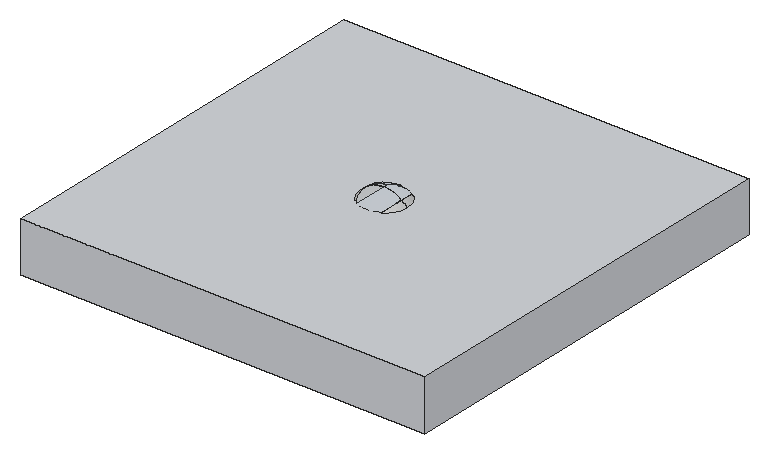
Revit family "GALAD Раунд LED", category Осветительные приборы, Revit 2018 (continued)
Types (3, lengths in mm): name | Файл фотометрической сетки | built-in parameter 1150142 | URL | IP | ADSK_Наименование краткое | ADSK_Наименование | ADSK_Марка | ADSK_Код изделия
    .08 252.20 242.20 231.70 220.60 208.76 196.81 184.61 171.92 158.98 145.56 132.14 118.84 105.54 92.73 80.53 68.82 58.20 48.44 39.53 31.72 24.77 18.67 12.93 8.17 4.76 2.44 1.34 0.73 0.37 0.24 0.12 0.00 0.00 0.00 0.00 0.00 0.00 0.00 0.00 0.00 0.00 0.00 0.00 0.00 0.00 0.12 0.12 0.12 0.00 0.12 0.24 0.24 0.73 0.85 0.37 0.12 0.00 0.00 \r\n332.61 332.12 330.29 327.97 325.29 321.87 317.72 313.09 307.59 301.49 295.03 287.83 279.65 271.11 261.96 252.20 242.32 231.70 220.60 209.01 197.17 184.73 171.92 158.86 145.68 132.38 118.96 105.91 93.10 80.65 69.18 58.32 48.56 39.78 31.72 24.65 18.67 13.30 7.69 3.78 2.07 1.34 0.85 0.49 0.24 0.12 0.00 0.00 0.00 0.00 0.00 0.00 0.00 0.00 0.00 0.00 0.00 0.00 0.00 0.00 0.12 0.12 0.12 0.00 0.12 0.12 0.24 0.61 0.73 0.37 0.12 0.00 0.00 \r\n332.61 332.00 330.29 327.97 325.29 321.99 317.84 313.09 307.59 301.49 294.66 287.46 279.78 271.11 261.84 252.57 242.68 231.82 220.84 209.37 197.42 184.85 171.92 158.86 145.68 132.38 119.08 105.91 93.10 80.77 69.18 58.32 48.56 40.02 31.85 24.77 18.67 13.06 6.83 3.54 2.56 1.59 0.85 0.49 0.24 0.12 0.00 0.00 0.00 0.00 0.00 0.00 0.00 0.00 0.00 0.00 0.00 0.00 0.00 0.00 0.12 0.12 0.12 0.00 0.12 0.12 0.24 0.49 0.61 0.37 0.12 0.00 0.00 \r\n332.61 332.00 330.29 327.97 325.41 321.99 317.72 313.09 307.72 301.98 295.03 287.46 279.78 271.60 262.33 252.93 242.68 231.95 220.97 209.37 197.29 185.09 172.16 159.35 146.05 132.51 119.33 106.27 93.46 80.89 69.30 58.69 48.81 39.90 31.85 24.77 18.67 13.06 7.56 4.15 2.68 1.71 0.98 0.49 0.24 0.12 0.00 0.00 0.00 0.00 0.00 0.00 0.00 0.00 0.00 0.00 0.00 0.00 0.00 0.00 0.12 0.12 0.12 0.12 0.12 0.12 0.24 0.37 0.49 0.24 0.12 0.00 0.00 \r\n332.61 331.88 330.29 327.97 325.41 321.99 317.84 313.09 307.84 301.98 295.15 287.83 280.14 271.72 262.57 253.30 242.81 232.07 221.33 209.50 197.29 185.22 172.40 159.47 146.17 132.87 119.57 106.27 93.46 81.14 69.43 58.81 48.93 39.90 31.85 24.89 18.79 12.93 7.56 4.39 2.81 1.71 0.98 0.49 0.24 0.12 0.00 0.00 0.00 0.00 0.00 0.00 0.00 0.00 0.00 0.00 0.00 0.00 0.00 0.00 0.12 0.12 0.12 0.12 0.12 0.12 0.24 0.24 0.37 0.24 0.12 0.00 0.00 \r\n332.61 331.75 330.17 327.97 325.53 322.24 317.97 313.21 308.08 301.98 295.15 288.19 280.51 271.60 262.33 252.93 242.93 232.43 221.45 209.50 197.66 185.58 172.89 159.71 146.42 133.12 119.69 106.40 93.58 81.38 69.67 58.81 48.93 40.14 32.33 25.13 18.91 12.93 7.56 4.03 2.32 1.46 0.85 0.49 0.24 0.12 0.00 0.00 0.00 0.00 0.00 0.00 0.00 0.00 0.00 0.00 0.00 0.00 0.00 0.00 0.12 0.12 0.12 0.12 0.12 0.12 0.24 0.24 0.24 0.24 0.12 0.00 0.00 \r\n332.61 331.63 330.17 328.09 325.53 322.24 318.09 313.33 308.20 302.35 295.39 288.07 280.39 271.72 262.69 253.05 243.17 232.56 221.45 209.98 197.90 185.70 172.89 159.84 146.54 133.24 119.82 106.52 93.71 81.38 69.67 58.81 49.05 40.14 32.21 25.13 19.03 13.67 8.54 4.39 2.32 1.34 0.85 0.49 0.24 0.12 0.00 0.00 0.00 0.00 0.00 0.00 0.00 0.00 0.00 0.00 0.00 0.00 0.00 0.00 0.12 0.12 0.12 0.12 0.12 0.12 0.24 0.24 0.24 0.12 0.12 0.00 0.00 \r\n332.61 331.51 330.04 328.09 325.41 322.24 318.21 313.57 308.57 302.35 295.64 288.44 280.63 272.09 263.18 253.42 243.29 232.68 221.82 210.35 198.03 185.70 173.14 160.20 146.78 133.36 120.06 106.76 93.95 81.75 70.04 59.18 49.29 40.26 32.21 25.13 19.03 13.67 8.91 5.25 2.93 1.59 0.73 0.37 0.24 0.12 0.00 0.00 0.00 0.00 0.00 0.00 0.00 0.00 0.00 0.00 0.00 0.00 0.00 0.00 0.12 0.12 0.24 0.12 0.12 0.12 0.12 0.24 0.24 0.12 0.12 0.00 0.00 \r\n332.61 331.39 330.04 328.09 325.53 322.24 318.33 313.70 308.45 302.47 295.52 288.32 280.39 272.21 263.18 253.42 243.54 233.04 221.82 210.35 198.39 185.95 173.26 160.32 146.78 133.48 120.43 107.25 94.07 81.75 70.04 59.18 49.17 40.26 32.09 25.01 19.03 13.91 9.64 5.98 3.29 1.59 0.85 0.37 0.24 0.12 0.00 0.00 0.00 0.00 0.00 0.00 0.00 0.00 0.00 0.00 0.00 0.00 0.00 0.00 0.12 0.12 0.24 0.12 0.12 0.12 0.12 0.24 0.24 0.12 0.00 0.00 0.00 \r\n332.61 331.39 329.92 328.09 325.65 322.24 318.45 313.70 308.33 302.47 295.64 288.44 280.87 272.45 263.43 253.79 243.78 233.41 222.06 210.47 198.64 186.19 173.38 160.57 147.39 133.85 120.43 107.13 94.44 81.99 70.28 59.30 49.29 40.26 32.21 25.13 19.03 14.03 9.76 6.22 3.66 1.95 0.98 0.49 0.12 0.00 0.00 0.00 0.00 0.00 0.00 0.00 0.00 0.00 0.00 0.00 0.00 0.00 0.00 0.00 0.12 0.12 0.24 0.12 0.12 0.12 0.12 0.24 0.24 0.12 0.00 0.00 0.00 \r\n332.61 331.27 329.92 328.09 325.77 322.36 318.45 313.82 308.33 302.35 295.76 288.44 280.87 272.58 263.67 254.15 244.03 233.29 222.43 210.84 198.76 186.56 173.99 160.94 147.64 133.97 120.55 107.37 94.44 81.99 70.28 59.30 49.29 40.26 32.21 25.13 19.03 14.03 9.76 6.47 3.90 2.07 0.98 0.49 0.24 0.12 0.00 0.00 0.00 0.00 0.00 0.00 0.00 0.00 0.00 0.00 0.00 0.00 0.00 0.00 0.12 0.12 0.24 0.12 0.12 0.12 0.12 0.24 0.12 0.12 0.00 0.00 0.00 \r\n332.61 331.14 329.80 328.21 325.77 322.48 318.45 313.82 308.33 302.35 296.13 289.05 281.24 272.70 263.91 254.40 244.27 233.41 222.43 211.20 199.00 186.80 174.11 160.94 147.88 134.58 121.04 107.74 94.68 82.24 70.52 59.42 49.42 40.39 32.21 25.13 19.03 13.91 9.76 6.47 4.03 2.20 1.10 0.61 0.24 0.12 0.00 0.00 0.00 0.12 0.00 0.00 0.00 0.00 0.00 0.00 0.00 0.00 0.00 0.00 0.12 0.12 0.24 0.12 0.12 0.12 0.12 0.24 0.12 0.12 0.00 0.00 0.00 \r\n332.61 331.14 329.80 328.09 325.65 322.48 318.58 313.94 308.81 302.59 296.37 289.29 281.12 272.58 264.04 254.52 244.51 233.65 222.80 211.57 199.37 187.05 174.23 161.06 147.88 134.70 121.16 107.86 94.93 82.36 70.52 59.54 49.42 40.39 32.33 25.13 19.16 14.03 9.88 6.59 4.15 2.32 1.22 0.61 0.24 0.12 0.00 0.00 0.00 0.12 0.00 0.00 0.00 0.00 0.00 0.00 0.00 0.00 0.00 0.00 0.12 0.24 0.24 0.12 0.12 0.12 0.12 0.12 0.12 0.12 0.00 0.00 0.00 \r\n332.61 331.02 329.68 328.09 325.65 322.60 318.58 314.18 309.30 303.20 296.61 289.05 281.12 273.06 264.04 254.40 244.51 233.90 223.04 211.69 199.49 187.29 174.48 161.55 148.25 134.82 121.40 108.10 95.17 82.72 70.89 59.79 49.54 40.39 32.33 25.13 19.03 13.91 9.76 6.59 4.15 2.44 1.34 0.61 0.24 0.12 0.00 0.00 0.00 0.12 0.12 0.12 0.00 0.00 0.00 0.00 0.00 0.00 0.00 0.12 0.12 0.24 0.24 0.24 0.12 0.12 0.12 0.12 0.12 0.12 0.00 0.00 0.00 \r\n332.61 331.02 329.68 328.09 325.77 322.60 318.70 314.31 309.30 303.32 296.74 289.29 281.61 273.31 264.28 254.76 244.76 234.26 223.28 211.94 199.86 187.53 174.84 161.91 148.61 135.07 121.65 108.35 95.29 82.72 70.89 59.79 49.66 40.39 32.33 25.26 19.16 14.03 9.88 6.59 4.15 2.44 1.34 0.61 0.24 0.12 0.00 0.00 0.00 0.12 0.12 0.12 0.00 0.00 0.00 0.00 0.00 0.00 0.00 0.12 0.12 0.24 0.24 0.24 0.12 0.12 0.12 0.12 0.12 0.12 0.00 0.00 0.00 \r\n332.61 330.90 329.68 328.09 325.77 322.60 318.70 314.31 309.18 303.20 296.74 289.54 281.85 273.55 264.65 255.25 245.12 234.39 223.53 212.06 200.10 187.78 175.09 162.03 148.73 135.43 122.01 108.71 95.54 82.85 71.01 59.91 49.66 40.51 32.46 25.26 19.16 13.91 9.76 6.47 4.03 2.44 1.34 0.61 0.37 0.12 0.00 0.00 0.00 0.12 0.12 0.12 0.12 0.00 0.00 0.00 0.00 0.00 0.00 0.12 0.12 0.12 0.12 0.12 0.12 0.12 0.12 0.12 0.12 0.12 0.12 0.00 0.00 \r\n332.61 330.78 329.68 328.21 325.90 322.72 318.82 314.43 309.18 303.20 296.74 289.78 281.97 273.67 264.77 255.37 245.37 234.63 223.53 212.30 200.47 188.02 175.33 162.28 149.10 135.56 122.13 108.84 95.66 83.09 71.13 60.03 49.78 40.63 32.46 25.26 19.16 14.03 9.76 6.47 4.03 2.44 1.34 0.73 0.37 0.12 0.00 0.00 0.00 0.12 0.12 0.12 0.12 0.12 0.00 0.00 0.00 0.00 0.00 0.12 0.12 0.12 0.12 0.12 0.12 0.12 0.12 0.12 0.12 0.12 0.12 0.00 0.00 \r\n332.61 330.66 329.56 328.34 325.90 322.85 319.06 314.67 309.30 303.45 296.98 289.90 282.34 273.92 265.01 255.50 245.49 235.00 224.02 212.55 200.71 188.39 175.58 162.64 149.47 135.80 122.38 109.20 96.02 83.46 71.50 60.15 49.90 40.63 32.46 25.26 19.03 13.91 9.76 6.47 4.03 2.32 1.34 0.61 0.37 0.12 0.00 0.00 0.00 0.12 0.12 0.12 0.12 0.12 0.00 0.00 0.00 0.00 0.00 0.12 0.12 0.12 0.12 0.12 0.12 0.12 0.12 0.12 0.12 0.12 0.12 0.00 0.00 \r\n332.61 330.53 329.56 328.34 326.02 322.97 319.19 314.67 309.42 303.69 297.10 290.15 282.46 274.16 265.26 255.86 245.73 235.24 224.38 213.03 201.08 188.75 175.82 162.77 149.59 136.17 122.75 109.32 96.27 83.58 71.50 60.27 50.03 40.75 32.46 25.26 19.16 13.91 9.76 6.47 4.03 2.32 1.34 0.61 0.37 0.12 0.00 0.00 0.00 0.12 0.12 0.12 0.12 0.12 0.00 0.00 0.00 0.00 0.00 0.12 0.12 0.12 0.12 0.12 0.12 0.12 0.12 0.12 0.12 0.12 0.12 0.00 0.00 \r\n332.61 330.41 329.43 328.34 326.14 323.09 319.19 314.67 309.55 303.81 297.22 290.15 282.46 274.29 265.50 255.86 246.10 235.61 224.63 213.28 201.44 189.00 176.19 163.25 150.08 136.53 122.99 109.57 96.39 83.70 71.74 60.52 50.15 40.87 32.58 25.26 19.03 13.91 9.64 6.34 4.03 2.32 1.22 0.61 0.24 0.12 0.00 0.00 0.00 0.12 0.12 0.12 0.12 0.12 0.00 0.00 0.00 0.00 0.12 0.12 0.12 0.12 0.12 0.12 0.12 0.12 0.12 0.12 0.12 0.12 0.12 0.00 0.00 \r\n332.61 330.29 329.43 328.34 326.14 323.21 319.31 314.79 309.79 303.93 297.47 290.39 282.70 274.53 265.62 256.23 246.34 235.85 224.99 213.52 201.57 189.24 176.55 163.38 150.08 136.78 123.23 109.69 96.51 83.82 71.74 60.52 50.15 40.87 32.58 25.26 19.03 13.91 9.64 6.34 3.90 2.32 1.22 0.61 0.24 0.12 0.00 0.00 0.00 0.12 0.12 0.12 0.12 0.12 0.00 0.00 0.00 0.12 0.12 0.12 0.12 0.12 0.12 0.12 0.12 0.12 0.12 0.12 0.12 0.12 0.12 0.00 0.00 \r\n332.61 330.17 329.31 328.21 326.14 323.21 319.43 314.92 310.16 304.18 297.71 290.88 283.19 274.77 265.87 256.59 246.59 236.10 225.36 213.89 202.05 189.73 176.92 163.86 150.44 137.02 123.60 110.06 96.88 84.07 71.99 60.76 50.39 41.00 32.58 25.26 19.03 13.79 9.64 6.34 3.90 2.32 1.22 0.61 0.24 0.12 0.00 0.00 0.00 0.12 0.12 0.12 0.12 0.12 0.00 0.00 0.00 0.12 0.12 0.12 0.12 0.12 0.12 0.12 0.12 0.12 0.12 0.12 0.12 0.12 0.12 0.00 0.00 \r\n332.61 330.04 329.19 328.09 326.14 323.33 319.55 315.16 310.28 304.42 298.08 291.24 283.56 275.14 266.23 256.96 247.08 236.58 225.72 214.50 202.42 190.10 177.53 164.35 151.05 137.63 123.97 110.42 97.12 84.31 72.23 61.01 50.64 41.12 32.70 25.38 19.03 13.91 9.64 6.34 3.90 2.32 1.22 0.61 0.24 0.12 0.00 0.00 0.00 0.12 0.12 0.12 0.12 0.12 0.00 0.00 0.12 0.12 0.12 0.12 0.12 0.12 0.24 0.12 0.12 0.12 0.12 0.12 0.12 0.12 0.12 0.00 0.00 \r\n332.61 329.92 328.95 328.09 326.14 323.33 319.55 315.40 310.40 304.54 298.32 291.37 283.68 275.38 266.60 257.33 247.44 237.07 225.97 214.62 202.79 190.34 177.77 164.84 151.42 137.87 124.33 110.67 97.37 84.55 72.48 61.13 50.64 41.12 32.70 25.26 19.03 13.79 9.52 6.22 3.90 2.20 1.22 0.61 0.24 0.12 0.00 0.00 0.00 0.12 0.12 0.12 0.12 0.12 0.12 0.00 0.12 0.12 0.12 0.12 0.12 0.24 0.37 0.37 0.12 0.12 0.12 0.12 0.12 0.12 0.12 0.00 0.00 \r\n332.61 329.92 328.82 328.21 326.26 323.33 319.67 315.40 310.40 304.67 298.20 291.24 283.68 275.51 266.84 257.69 247.81 237.07 226.09 214.86 202.79 190.46 177.77 164.84 151.54 138.00 124.33 110.91 97.49 84.68 72.48 61.01 50.51 41.12 32.70 25.26 18.91 13.79 9.52 6.22 3.78 2.20 1.22 0.61 0.24 0.12 0.00 0.00 0.00 0.12 0.12 0.12 0.12 0.12 0.12 0.12 0.24 0.24 0.12 0.12 0.12 0.24 0.73 0.61 0.24 0.12 0.12 0.12 0.12 0.12 0.12 0.00 0.00 \r\n332.61 329.80 328.58 328.21 326.38 323.46 319.80 315.40 310.40 304.67 298.08 291.24 283.80 275.63 266.84 257.57 247.56 237.19 226.33 215.11 203.15 190.71 178.02 164.96 151.66 138.24 124.58 111.15 97.73 84.92 72.60 61.13 50.64 41.12 32.70 25.26 18.91 13.79 9.52 6.22 3.78 2.20 1.10 0.61 0.24 0.12 0.12 0.00 0.00 0.12 0.12 0.12 0.12 0.12 0.12 0.12 0.49 0.37 0.24 0.12 0.12 0.37 0.85 0.73 0.37 0.12 0.00 0.12 0.12 0.12 0.12 0.00 0.00 \r\n332.61 329.80 328.34 327.97 326.51 323.46 319.92 315.65 310.52 304.79 298.20 291.37 283.92 275.75 266.96 257.57 247.81 237.32 226.58 215.23 203.40 191.19 178.63 165.45 152.03 138.48 124.94 111.40 97.98 84.92 72.60 61.25 50.76 41.24 32.70 25.38 19.03 13.67 9.39 6.10 3.78 2.07 1.10 0.61 0.24 0.12 0.12 0.00 0.00 0.12 0.12 0.12 0.12 0.12 0.12 0.24 0.61 0.49 0.24 0.12 0.12 0.37 0.85 0.73 0.37 0.12 0.00 0.00 0.12 0.12 0.12 0.00 0.00 \r\n332.61 329.80 328.09 327.73 326.51 323.46 319.92 315.65 310.52 305.03 298.44 291.49 284.17 275.87 267.09 257.94 248.05 237.56 226.58 215.35 203.64 191.44 178.75 165.57 152.15 138.61 125.06 111.40 98.10 85.17 72.84 61.49 50.88 41.24 32.70 25.26 18.91 13.67 9.39 6.10 3.78 2.07 1.10 0.61 0.24 0.12 0.12 0.00 0.00 0.00 0.12 0.12 0.12 0.12 0.12 0.12 0.37 0.37 0.24 0.12 0.12 0.24 0.61 0.49 0.24 0.12 0.00 0.00 0.12 0.12 0.12 0.00 0.00 \r\n332.61 329.80 327.85 327.36 326.26 323.58 319.92 315.53 310.52 305.03 298.69 291.61 284.17 276.12 267.33 258.18 248.17 237.68 227.07 215.84 204.01 191.80 179.11 166.06 152.52 138.97 125.43 111.76 98.34 85.29 72.96 61.49 51.00 41.36 32.70 25.26 18.91 13.67 9.39 6.10 3.66 2.07 1.10 0.49 0.24 0.12 0.12 0.00 0.00 0.00 0.12 0.12 0.12 0.12 0.12 0.12 0.24 0.24 0.12 0.12 0.12 0.24 0.37 0.37 0.24 0.12 0.00 0.00 0.12 0.12 0.12 0.00 0.00 \r\n332.61 329.80 327.73 326.99 325.90 323.46 319.92 315.77 310.77 304.91 298.81 292.10 284.41 276.36 267.57 258.30 248.54 238.17 227.31 215.96 204.01 191.56 179.11 166.06 152.64 139.22 125.67 112.13 98.59 85.53 73.21 61.62 51.00 41.36 32.82 25.38 18.91 13.67 9.39 6.10 3.66 2.07 1.10 0.49 0.24 0.12 0.12 0.00 0.00 0.00 0.12 0.12 0.12 0.12 0.12 0.12 0.12 0.12 0.12 0.12 0.12 0.12 0.24 0.24 0.12 0.12 0.00 0.00 0.00 0.12 0.12 0.00 0.00 \r\n332.61 329.80 327.60 326.63 325.53 323.33 319.92 315.89 310.89 305.03 298.93 292.22 284.41 276.48 267.70 258.55 248.91 238.54 227.43 216.21 204.37 192.05 179.48 166.30 152.88 139.46 125.92 112.25 98.71 85.65 73.33 61.74 51.00 41.36 32.82 25.26 18.91 13.54 9.27 5.98 3.66 2.07 1.10 0.49 0.24 0.12 0.12 0.00 0.00 0.00 0.12 0.12 0.12 0.12 0.12 0.12 0.12 0.12 0.12 0.12 0.12 0.12 0.12 0.12 0.12 0.12 0.00 0.00 0.00 0.12 0.00 0.00 0.00 \r\n332.61 329.80 327.60 326.26 325.04 322.97 319.80 316.01 311.38 305.28 298.81 292.10 284.53 276.60 268.06 258.67 248.91 238.41 227.68 216.57 204.62 192.17 179.48 166.43 153.25 139.70 125.92 112.37 98.95 85.78 73.33 61.86 51.12 41.48 32.82 25.38 18.91 13.67 9.39 6.10 3.66 2.07 1.10 0.49 0.24 0.12 0.12 0.00 0.00 0.00 0.12 0.12 0.12 0.12 0.12 0.12 0.12 0.12 0.12 0.12 0.12 0.12 0.12 0.12 0.12 0.12 0.00 0.00 0.00 0.12 0.00 0.00 0.00 \r\n332.61 329.68 327.73 326.14 324.55 322.48 319.67 316.01 311.38 305.40 298.93 292.22 284.66 276.60 268.18 258.67 248.91 238.66 228.04 216.82 204.86 192.41 179.85 166.91 153.61 140.07 126.28 112.74 99.32 86.14 73.70 62.10 51.25 41.48 32.94 25.38 18.91 13.54 9.27 5.98 3.66 1.95 1.10 0.49 0.24 0.12 0.00 0.00 0.00 0.00 0.12 0.12 0.12 0.12 0.12 0.12 0.12 0.12 0.12 0.12 0.12 0.12 0.12 0.12 0.12 0.12 0.12 0.00 0.00 0.00 0.00 0.00 0.00 \r\n332.61 329.68 327.85 326.02 324.19 321.99 319.06 315.65 310.89 305.40 299.05 292.22 284.90 276.85 268.31 258.91 249.15 238.90 227.80 216.57 204.98 192.66 180.21 167.04 153.61 140.19 126.53 112.86 99.20 86.14 73.70 61.98 51.25 41.61 32.94 25.38 18.91 13.54 9.27 5.98 3.66 1.95 1.10 0.49 0.24 0.12 0.00 0.00 0.00 0.00 0.12 0.12 0.12 0.12 0.12 0.12 0.12 0.12 0.12 0.12 0.12 0.12 0.12 0.12 0.12 0.12 0.12 0.00 0.00 0.00 0.00 0.00 0.00 \r\n332.61 329.68 327.85 326.14 323.94 321.50 318.33 314.79 310.40 305.28 299.30 292.46 284.78 276.85 268.31 259.16 249.39 239.27 228.16 216.69 205.10 193.02 180.46 167.16 153.74 140.31 126.77 113.11 99.44 86.39 73.94 62.10 51.25 41.48 32.82 25.38 18.91 13.54 9.27 5.98 3.54 1.95 1.10 0.49 0.24 0.12 0.00 0.00 0.00 0.00 0.12 0.12 0.12 0.12 0.12 0.00 0.12 0.12 0.12 0.12 0.12 0.12 0.12 0.12 0.12 0.12 0.12 0.00 0.00 0.00 0.00 0.00 0.00 \r\n332.61 329.56 327.85 326.14 323.94 321.38 317.97 313.82 309.55 304.67 298.81 291.98 284.66 276.97 268.43 259.16 249.27 239.02 228.41 217.06 205.23 192.90 180.46 167.52 154.22 140.44 126.77 113.23 99.68 86.39 73.82 62.10 51.37 41.61 32.94 25.38 18.91 13.54 9.27 5.98 3.54 1.95 0.98 0.49 0.24 0.12 0.00 0.00 0.00 0.00 0.12 0.12 0.12 0.12 0.12 0.00 0.00 0.12 0.12 0.12 0.12 0.12 0.12 0.12 0.12 0.12 0.12 0.00 0.00 0.00 0.00 0.00 0.00 \r\n332.61 329.56 327.73 326.26 324.07 321.50 317.84 313.45 309.06 303.69 297.47 291.00 283.92 276.48 268.18 258.79 249.15 238.78 228.29 217.31 205.35 192.90 180.46 167.65 154.22 140.44 126.89 113.35 99.81 86.51 73.94 62.35 51.49 41.73 33.07 25.38 19.03 13.54 9.27 5.86 3.54 1.95 0.98 0.49 0.12 0.00 0.00 0.00 0.00 0.00 0.12 0.12 0.12 0.12 0.12 0.00 0.00 0.12 0.12 0.12 0.12 0.12 0.12 0.12 0.12 0.12 0.12 0.00 0.00 0.00 0.00 0.00 0.00 \r\n332.61 329.68 327.73 326.26 324.19 321.63 318.09 313.57 308.94 303.69 297.22 290
